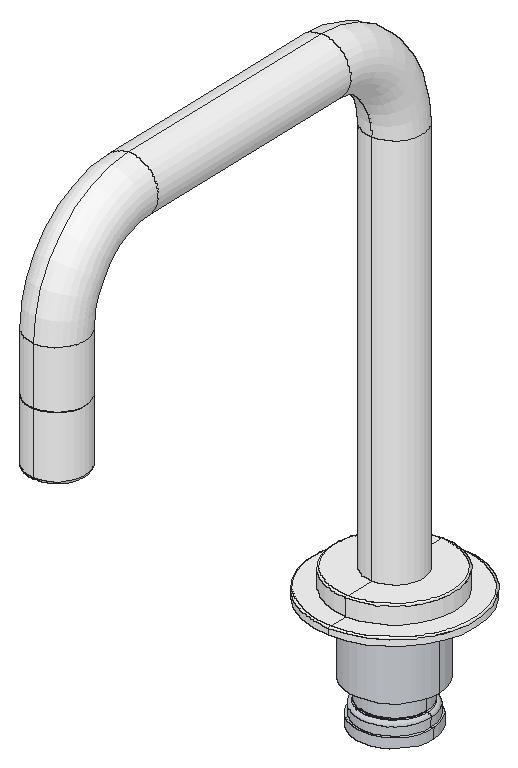
Revit family "Reece_Tap_Sussex_Scala_Square_Basin Outlet", category Plumbing Fixtures, host Face, Revit 2018
Family settings
  Host = Face
  Round Connector Dimension = Use Diameter
  Part Type = Normal
  Cut with Voids When Loaded = No
  Shared = Yes
  Room Calculation Point = Yes
Parameters (values of type "140 mm_5 Star_Chrome")
  WFU = 0  # constant formula
  URL = "https://www.reece.com.au/product/-2261605"
  Type Comments = "Tap"
  Reece_Tap_Reach = 140 mm  # constant formula
  Reece_Tap_Inlet = 12 mm  # constant formula
  Reece_Tap_Clearance = 100 mm  # constant formula
  Reece_Product_Web Page = "https://www.reece.com.au/product/-2261605"
  Reece_Product_Type = "Tap"  # constant formula
  Reece_Product_Sub Brand = "Scala"  # constant formula
  Reece_Product_Number = "2261605"
  Reece_Product_Mount = "Hob Mounted"
  Reece_Product_Description = "Sussex Scala Basin Outlet Square Chrome (5 Star)"
  Reece_Product_Brand = "Sussex"  # constant formula
  Reece_Overall_Length = 149.5 mm  # constant formula
  Reece_Overall_Height = 180 mm  # constant formula
  Reece_Material_Main = Reece_Brass_Chrome
  Reece_Detail_Type = "Basin Outlet"  # constant formula
  Reece_Detail_Shape = "Square"  # constant formula
  Reece_Detail_Disclaimer = "THIS FILE IS THE PROPERTY OF THE REECE GROUP. IT MAY NOT BE REPRODUCED, REVERSE-ENGINEERED OR MODIFIED. ANY REPUBLICATION, TRANSMISSION OR DISTRIBUTION FOR THE PURPOSE OF COMMERCIALLY EXPLOITING THE FILES IS PROHIBITED."  # constant formula
  Reece_Detail_Connector = ""
  Model = "Scala"
  Manufacturer = "Sussex"
  Keynote = "Product #2261605, Reece_Tap_Sussex_Scala_Square_Basin Outlet - 140 mm_5 Star_Chrome"
  HWFU = 0  # constant formula
  Disclaimer = "THIS FILE IS THE PROPERTY OF THE REECE GROUP. IT MAY NOT BE REPRODUCED, REVERSE-ENGINEERED OR MODIFIED. ANY REPUBLICATION, TRANSMISSION OR DISTRIBUTION FOR THE PURPOSE OF COMMERCIALLY EXPLOITING THE FILES IS PROHIBITED."  # constant formula
  Description = "Scala Basin Outlet Square Chrome (5 Star)"
  Default Elevation = 1000 mm
  CWFU = 0  # constant formula
Reference planes
  plane 1 "Center (Front/Back)": y = 0
  plane 2 "Bottom": z = 0
  plane 3 "Center (Left/Right)": x = 0
  plane 4 "Top": z = 180
  plane 5: y = -140
  plane 6: y = -149.5
  plane 7: z = 100
  plane 8: y = 27
  plane 9: y = -27
  plane 10: x = -9.5
  plane 11: x = 9.5
  plane 12: z = 8.5
Forms (mm)
  Sweep 1, solid, material "Reece_Brass_Chrome" <- "Reece_Material_Main"
    path origin (0, 0, 0) x (0, 1, 0) y (0, 0, 1)
      loop
        line (0, 8.5) -> (0, 140.5)
        arc (0, 140.5) -> (-8.787, 161.713) -> (-30, 170.5) r 30
        line (-30, 170.5) -> (-110, 170.5)
        arc (-110, 170.5) -> (-131.213, 161.713) -> (-140, 140.5) r 30
        line (-140, 140.5) -> (-140, 121.334)
    profile origin (0, 0, 74.5) x (0, -1, 0) y (1, 0, 0)
      loop
        circle (0, 0) r 9.5
  Revolve 2, solid, material "Reece_Brass_Chrome" <- "Reece_Material_Main"
    sketch origin (0, 107, -22.3) x (0, 0, 1) y (0, -1, 0)
      loop
        line (144.834, 247) -> (144.834, 255.719) -> (143.3, 255.719) -> (143.3, 256.5) -> (122.8, 256.5)
        arc (122.8, 256.5) -> (122.446, 256.354) -> (122.3, 256) r 0.5
        line (122.3, 256) -> (122.3, 254.937) -> (123.175, 254.937) -> (123.175, 254.087) -> (122.3, 253.933) -> (122.3, 247) -> (144.834, 247)
      axis (144.834, 247) -> (122.3, 247)
    angle from 0 to 360
  Extrusion 3, void
    sketch origin (0, 0, 0) x (1, 0, 0) y (0, 1, 0)
      loop
        circle (0, 0) r 16
    from 5 to -50
  Revolve 4, solid, material "Reece_Brass_Chrome" <- "Reece_Material_Main"
    sketch origin (0, 0, 0) x (0, 1, 0) y (0, 0, 1)
      loop
        line (0, 0) -> (0, 8.5) -> (-19.5, 8.5)
        arc (-19.5, 8.5) -> (-19.854, 8.354) -> (-20, 8) r 0.5
        line (-20, 8) -> (-20, 2.5) -> (-26.5, 2.5)
        arc (-26.5, 2.5) -> (-26.854, 2.354) -> (-27, 2) r 0.5
        line (-27, 2) -> (-27, 0) -> (0, 0)
      axis (0, 8.5) -> (0, 0)
    angle from 0 to 360
  Revolve 5, solid
    sketch origin (128.901, 0, 1219.2) x (1, 0, 0) y (0, 0, 1)
      loop
        line (-130.291, -1261.136) -> (-128.901, -1261.136) -> (-128.901, -1219.2) -> (-143.874, -1219.2) -> (-143.874, -1242.939) -> (-139.681, -1242.939) -> (-139.681, -1249.636) -> (-139.115, -1250.202) -> (-139.915, -1250.202)
        arc (-139.915, -1250.202) -> (-140.755, -1250.55) -> (-141.103, -1251.39) r 1.188
        line (-141.103, -1251.39) -> (-141.103, -1254.152) -> (-141.903, -1254.152) -> (-141.903, -1257.398) -> (-132.464, -1257.398) -> (-130.291, -1261.136)
      axis (-128.901, -1219.2) -> (-128.901, -1261.136)
    angle from 0 to 360
Cuts and joins
  Extrusion 3 cuts Sweep 1
  Extrusion 3 cuts Revolve 2
  joined: Sweep 1, Revolve 2
Text (mm)
  text "Reece Copyright © 2018, Reece Ltd." at (-1403.988, -1192.393, 0), in view "Ref. Level"
  text "Reece ©" at (44.384, 258.95, 192.345), in view "Reece Preview"
Dimensions and locks
  "Reece_Overall_Height": plane 4 "Top" to plane 2 "Bottom"
  "Reece_Tap_Reach": plane 1 "Center (Front/Back)" to plane 5
  "Reece_Tap_Clearance": plane 2 "Bottom" to plane 7
  Sweep 1 sketch curve to plane 4 "Top" = 9.5 mm
  "Reece_Overall_Length": plane 1 "Center (Front/Back)" to plane 6
  plane 8 to plane 9 = 54 mm  (x2)
  plane 10 to plane 11 = 19 mm  (x2)
  plane 4 "Top" to plane 2 "Bottom" = 180 mm
  plane 5 to plane 1 "Center (Front/Back)" = 140 mm
  plane 6 to plane 1 "Center (Front/Back)" = 149.5 mm
  aligned and locked: plane 2 "Bottom" to host face
  aligned and locked: level to host face
Automatic sketch dimensions
  host sketch curve to host sketch curve = 380.785 mm
  host sketch curve to host sketch curve = 317.421 mm
  Sweep 1 sketch curve to plane 3 "Center (Left/Right)" = 0 mm
  Sweep 1 sketch curve to profile plane = 0 mm
  plane 1 "Center (Front/Back)" to Extrusion 3 sketch curve = 0 mm
  Extrusion 3 sketch curve to plane 3 "Center (Left/Right)" = 0 mm
  Revolve 4 sketch curve to plane 9 = 0 mm
  level to Revolve 4 sketch curve = 0 mm
  Revolve 4 sketch curve to plane 1 "Center (Front/Back)" = 0 mm  (x2)
  Revolve 4 sketch curve to Revolve 4 sketch curve = 0.5 mm  (x2)
  plane 9 to Revolve 4 sketch curve = 7 mm
  level to Revolve 4 sketch curve = 2 mm
  Revolve 4 sketch curve to Revolve 4 sketch curve = 5.5 mm
  Revolve 4 sketch curve to level = 4.194 mm
  Revolve 4 sketch curve to Revolve 4 sketch curve = 4.25 mm
  Sweep 1 sketch curve to plane 5 = 0 mm
  Sweep 1 sketch curve to plane 1 "Center (Front/Back)" = 0 mm
  Sweep 1 sketch curve to plane 5 = 30 mm
  Sweep 1 sketch curve to plane 9 = 3 mm
  Sweep 1 sketch curve to Sweep 1 sketch curve = 19.166 mm
  level to Sweep 1 sketch curve = 8.5 mm
  Revolve 5 sketch curve to level = 0 mm
  Revolve 5 sketch curve to plane 3 "Center (Left/Right)" = 0 mm  (x2)
  Revolve 5 sketch curve to plane 3 "Center (Left/Right)" = 1.39 mm
  Revolve 5 sketch curve to plane 3 "Center (Left/Right)" = 3.563 mm
  plane 10 to Revolve 5 sketch curve = 0.714 mm
  Revolve 5 sketch curve to Revolve 5 sketch curve = 0.566 mm  (x2)
  Revolve 5 sketch curve to Revolve 5 sketch curve = 0.8 mm  (x2)
  plane 10 to Revolve 5 sketch curve = 2.702 mm
  Revolve 5 sketch curve to Revolve 5 sketch curve = 4.194 mm
  Revolve 5 sketch curve to level = 23.739 mm
  Revolve 5 sketch curve to Revolve 5 sketch curve = 6.697 mm
  Revolve 5 sketch curve to Revolve 5 sketch curve = 2.762 mm
  Revolve 5 sketch curve to Revolve 5 sketch curve = 3.246 mm
  Revolve 5 sketch curve to Revolve 5 sketch curve = 3.739 mm
  Revolve 5 sketch curve to Revolve 5 sketch curve = 0.681 mm
  plane 12 to Revolve 5 sketch curve = 0.43 mm
  Revolve 2 sketch curve to plane 7 = 0 mm  (x2)
  Revolve 2 sketch curve to plane 5 = 0 mm  (x2)
  Revolve 2 sketch curve to plane 6 = 0 mm
  Revolve 2 sketch curve to Revolve 2 sketch curve = 0.5 mm
  Revolve 2 sketch curve to Revolve 2 sketch curve = 0.875 mm
  Revolve 2 sketch curve to plane 6 = 0.781 mm
  Revolve 2 sketch curve to Revolve 2 sketch curve = 20.125 mm
  Revolve 2 sketch curve to Revolve 2 sketch curve = 1.534 mm  (x2)
  Revolve 2 sketch curve to Revolve 2 sketch curve = 2.067 mm
  Revolve 2 sketch curve to Revolve 2 sketch curve = 0.154 mm
  Revolve 2 sketch curve to Revolve 2 sketch curve = 1.004 mm
  Revolve 2 sketch curve to Revolve 2 sketch curve = 6 mm
  radius of Sweep 1 sketch curve = 9.5 mm
  radius of Extrusion 3 sketch curve = 16 mm
Connectors
  piping at (0, 0, -38.198), diameter 12, driven by "Reece_Tap_Inlet"
    settings: on Revolve 5, index 1, connector inside diameter 609.6 mm, connector length 0 mm, flow factor 0, pipe flow 0.0 L/s, pressure drop 0.0 Pa, fitting loss kfactor 0, connector angle 0.00°, fixture units 0, engagement length 0 mm, angle of deflection 0.00°, flow configuration 0, flow direction 1, fitting loss method 0, system type 29, joint type 0, gender type 0, connector reference index -1, connector utility 0, adjustable connector no, is connector primary yes, connector description ""
